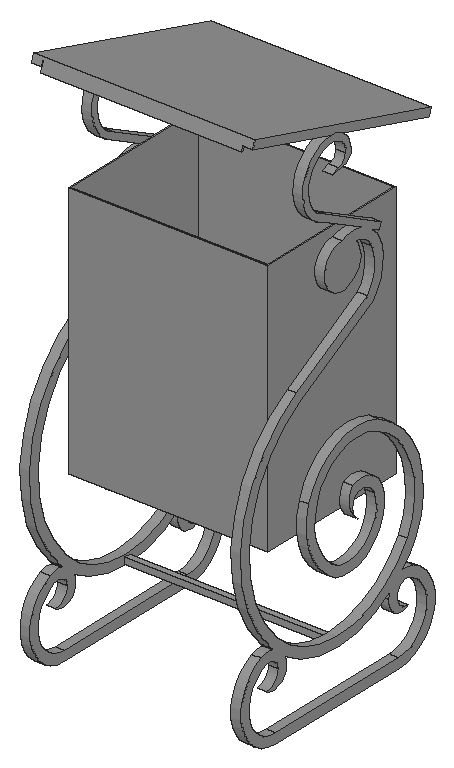
Revit family "Уличная урна для мусора «Валюта» Арт 10214", category Антураж, Revit 2018
Family settings
  На основе рабочей плоскости = Нет
  Всегда вертикально = Да
  При загрузке вырезать с полостями = Нет
  Источник визуального образа = Геометрия семейства
  Общий = Нет
  Точка расчета площади = Нет
Parameters (values of type "Уличная урна для мусора «Валюта» с крышкой")
  Ширина = 380 mm  # constant formula
  Цвет урны = Сталь
  Описание = "Уличная урна для мусора «Валюта» с крышкой"  # constant formula
  Материал изделия = "Сталь"  # constant formula
  Изображение типоразмера = Уличная урна для мусора «Валюта» Арт 10214.jpg
  Изготовитель = "ООО «Хоббика»"  # constant formula
  Длина = 344 mm  # constant formula
  Группа модели = "Уличные урны"  # constant formula
  Высота = 863 mm  # constant formula
  Артикул товара = "Арт. 10214"  # constant formula
  URL = "https://hobbyka.ru/product/ulichnaya_urna_dlya_musora_valyuta/"
Reference planes
  plane 1 "По центру (Вперед/Назад)": y = 0
  plane 2: z = 0
  plane 3 "По центру (Влево/Вправо)": x = 0
  plane 4: x = 344
  plane 5: y = 380
  plane 6: z = 863
Forms (mm)
  Extrusion 1, solid, material "Сталь" <- "Цвет урны"
    sketch origin (0, 0, 0) x (0, 1, 0) y (0, 0, 1)
      loop
        line (180.186, 746.524) -> (202.87, 750.116)
        arc (202.87, 750.116) -> (212.709, 756.146) -> (215.403, 767.367) r 15.078
        arc (215.403, 767.367) -> (205.048, 792.367) -> (180.048, 802.723) r 35.355
        arc (180.048, 802.723) -> (122.548, 754.474) -> (160.078, 689.47) r 58.387
        line (160.078, 689.47) -> (270.447, 630.786) -> (275.141, 639.615) -> (164.126, 698.643)
        arc (164.126, 698.643) -> (132.339, 752.409) -> (180.048, 792.723) r 48.387
        arc (180.048, 792.723) -> (198.305, 784.962) -> (205.386, 766.43) r 25.355
        arc (205.386, 766.43) -> (201.442, 756.37) -> (192.086, 750.965) r 16.355
        line (192.086, 750.965) -> (180.186, 746.524)
    from 0 to 15
  Extrusion 2, solid, material "Сталь" <- "Цвет урны"
    sketch origin (0, 0, 0) x (0, 1, 0) y (0, 0, 1)
      loop
        arc (199.387, 646.312) -> (185.706, 579.096) -> (224.572, 635.616) r 35
        arc (224.572, 635.616) -> (243.331, 628.907) -> (256.461, 613.924) r 39.664
        arc (256.461, 613.924) -> (262.386, 579.948) -> (248.525, 548.367) r 59.684
        line (248.525, 548.367) -> (110.823, 472.037)
        arc (110.823, 472.037) -> (3.2, 316.761) -> (61.024, 136.901) r 213.397
        arc (61.024, 136.901) -> (208.304, 83.615) -> (340.928, 166.93) r 178.554
        arc (340.928, 166.93) -> (347.614, 282.137) -> (268.885, 366.512) r 146.652
        arc (268.885, 366.512) -> (188.363, 366.381) -> (134.385, 306.628) r 99.35
        arc (134.385, 306.628) -> (136.958, 234.66) -> (185.626, 181.58) r 104.109
        arc (185.626, 181.58) -> (259.744, 197.246) -> (276.537, 271.118) r 70.249
        arc (276.537, 271.118) -> (253.526, 295.162) -> (220.257, 294.242) r 41.04
        arc (220.257, 294.242) -> (213.746, 267.797) -> (228.497, 244.904) r 34.409
        arc (228.497, 244.904) -> (218.532, 261.453) -> (224.838, 279.712) r 22.809
        arc (224.838, 279.712) -> (246.835, 281.671) -> (262.426, 266.031) r 26.04
        arc (262.426, 266.031) -> (249.517, 208.229) -> (191.715, 195.321) r 55.249
        arc (191.715, 195.321) -> (150.673, 240.754) -> (148.636, 301.947) r 89.109
        arc (148.636, 301.947) -> (194.464, 352.677) -> (262.829, 352.789) r 84.35
        arc (262.829, 352.789) -> (333.386, 277.372) -> (327.813, 174.247) r 131.652
        arc (327.813, 174.247) -> (206.353, 98.492) -> (71.797, 147.339) r 163.554
        arc (71.797, 147.339) -> (18.038, 314.556) -> (118.095, 458.918) r 198.397
        line (118.095, 458.918) -> (258.034, 536.487)
        arc (258.034, 536.487) -> (277.092, 576.727) -> (269.864, 620.66) r 74.684
        arc (269.864, 620.66) -> (239.718, 647.479) -> (199.387, 646.312) r 54.664
    from 0 to 15
  Extrusion 3, solid, material "Сталь" <- "Цвет урны"
    sketch origin (0, 0, 0) x (0, 1, 0) y (0, 0, 1)
      loop
        arc (310, 0) -> (377.5, 54.66) -> (338.068, 132.05) r 69.008
        arc (338.068, 132.05) -> (307.246, 130.435) -> (290.437, 104.55) r 33.992
        arc (290.437, 104.55) -> (301.654, 81.231) -> (327.526, 80.81) r 24.629
        arc (327.526, 80.81) -> (311.848, 87.304) -> (305.355, 102.982) r 22.172
        arc (305.355, 102.982) -> (314.746, 117.444) -> (331.967, 118.347) r 18.992
        arc (331.967, 118.347) -> (362.828, 57.779) -> (310, 15) r 54.008
        line (310, 15) -> (70, 15)
        arc (70, 15) -> (17.172, 57.779) -> (48.033, 118.347) r 54.008
        arc (48.033, 118.347) -> (65.254, 117.444) -> (74.645, 102.982) r 18.992
        arc (74.645, 102.982) -> (68.152, 87.304) -> (52.474, 80.81) r 22.172
        arc (52.474, 80.81) -> (78.346, 81.231) -> (89.563, 104.55) r 24.629
        arc (89.563, 104.55) -> (72.754, 130.435) -> (41.932, 132.05) r 33.992
        arc (41.932, 132.05) -> (2.5, 54.66) -> (70, 0) r 69.008
        line (70, 0) -> (310, 0)
    from 0 to 15
  Extrusion 4, solid, material "Сталь" <- "Цвет урны"
    sketch origin (0, 0, 0) x (0, 1, 0) y (0, 0, 1)
      loop
        line (180.186, 746.524) -> (202.87, 750.116)
        arc (202.87, 750.116) -> (212.709, 756.146) -> (215.403, 767.367) r 15.078
        arc (215.403, 767.367) -> (205.048, 792.367) -> (180.048, 802.723) r 35.355
        arc (180.048, 802.723) -> (122.548, 754.474) -> (160.078, 689.47) r 58.387
        line (160.078, 689.47) -> (270.447, 630.786) -> (275.141, 639.615) -> (164.126, 698.643)
        arc (164.126, 698.643) -> (132.339, 752.409) -> (180.048, 792.723) r 48.387
        arc (180.048, 792.723) -> (198.305, 784.962) -> (205.386, 766.43) r 25.355
        arc (205.386, 766.43) -> (201.442, 756.37) -> (192.086, 750.965) r 16.355
        line (192.086, 750.965) -> (180.186, 746.524)
    from 329 to 344
  Extrusion 5, solid, material "Сталь" <- "Цвет урны"
    sketch origin (0, 0, 0) x (0, 1, 0) y (0, 0, 1)
      loop
        arc (199.387, 646.312) -> (185.706, 579.096) -> (224.572, 635.616) r 35
        arc (224.572, 635.616) -> (243.331, 628.907) -> (256.461, 613.924) r 39.664
        arc (256.461, 613.924) -> (262.386, 579.948) -> (248.525, 548.367) r 59.684
        line (248.525, 548.367) -> (110.823, 472.037)
        arc (110.823, 472.037) -> (3.2, 316.761) -> (61.024, 136.901) r 213.397
        arc (61.024, 136.901) -> (208.304, 83.615) -> (340.928, 166.93) r 178.554
        arc (340.928, 166.93) -> (347.614, 282.137) -> (268.885, 366.512) r 146.652
        arc (268.885, 366.512) -> (188.363, 366.381) -> (134.385, 306.628) r 99.35
        arc (134.385, 306.628) -> (136.958, 234.66) -> (185.626, 181.58) r 104.109
        arc (185.626, 181.58) -> (259.744, 197.246) -> (276.537, 271.118) r 70.249
        arc (276.537, 271.118) -> (253.526, 295.162) -> (220.257, 294.242) r 41.04
        arc (220.257, 294.242) -> (213.746, 267.797) -> (228.497, 244.904) r 34.409
        arc (228.497, 244.904) -> (218.532, 261.453) -> (224.838, 279.712) r 22.809
        arc (224.838, 279.712) -> (246.835, 281.671) -> (262.426, 266.031) r 26.04
        arc (262.426, 266.031) -> (249.517, 208.229) -> (191.715, 195.321) r 55.249
        arc (191.715, 195.321) -> (150.673, 240.754) -> (148.636, 301.947) r 89.109
        arc (148.636, 301.947) -> (194.464, 352.677) -> (262.829, 352.789) r 84.35
        arc (262.829, 352.789) -> (333.386, 277.372) -> (327.813, 174.247) r 131.652
        arc (327.813, 174.247) -> (206.353, 98.492) -> (71.797, 147.339) r 163.554
        arc (71.797, 147.339) -> (18.038, 314.556) -> (118.095, 458.918) r 198.397
        line (118.095, 458.918) -> (258.034, 536.487)
        arc (258.034, 536.487) -> (277.092, 576.727) -> (269.864, 620.66) r 74.684
        arc (269.864, 620.66) -> (239.718, 647.479) -> (199.387, 646.312) r 54.664
    from 329 to 344
  Extrusion 6, solid, material "Сталь" <- "Цвет урны"
    sketch origin (0, 0, 0) x (0, 1, 0) y (0, 0, 1)
      loop
        arc (310, 0) -> (377.5, 54.66) -> (338.068, 132.05) r 69.008
        arc (338.068, 132.05) -> (307.246, 130.435) -> (290.437, 104.55) r 33.992
        arc (290.437, 104.55) -> (301.654, 81.231) -> (327.526, 80.81) r 24.629
        arc (327.526, 80.81) -> (311.848, 87.304) -> (305.355, 102.982) r 22.172
        arc (305.355, 102.982) -> (314.746, 117.444) -> (331.967, 118.347) r 18.992
        arc (331.967, 118.347) -> (362.828, 57.779) -> (310, 15) r 54.008
        line (310, 15) -> (70, 15)
        arc (70, 15) -> (17.172, 57.779) -> (48.033, 118.347) r 54.008
        arc (48.033, 118.347) -> (65.254, 117.444) -> (74.645, 102.982) r 18.992
        arc (74.645, 102.982) -> (68.152, 87.304) -> (52.474, 80.81) r 22.172
        arc (52.474, 80.81) -> (78.346, 81.231) -> (89.563, 104.55) r 24.629
        arc (89.563, 104.55) -> (72.754, 130.435) -> (41.932, 132.05) r 33.992
        arc (41.932, 132.05) -> (2.5, 54.66) -> (70, 0) r 69.008
        line (70, 0) -> (310, 0)
    from 329 to 344
  Extrusion 7, solid, material "Сталь" <- "Цвет урны"
    sketch origin (0, 0, 0) x (0, 1, 0) y (0, 0, 1)
      loop
        line (194.257, 95.096) -> (184.257, 95.096) -> (184.257, 85.096) -> (194.257, 85.096) -> (194.257, 95.096)
    from 15 to 329
  Extrusion 8, solid, material "Сталь" <- "Цвет урны"
    sketch origin (0, 0, 0) x (1, 0, 0) y (0, 1, 0)
      loop
        line (17, 325) -> (17, 75) -> (327, 75) -> (327, 325) -> (17, 325)
    from 260 to 659.975
  Extrusion 9, void
    sketch origin (0, 0, 0) x (1, 0, 0) y (0, 1, 0)
      loop
        line (325.5, 323.5) -> (18.5, 323.5) -> (18.5, 76.5) -> (325.5, 76.5) -> (325.5, 323.5)
    from 261.5 to 659.975
  Extrusion 10, solid, material "Сталь" <- "Цвет урны"
    sketch origin (0, 0, 0) x (0, 1, 0) y (0, 0, 1)
      loop
        line (371.845, 757.746) -> (27.576, 863) -> (23.756, 850.506) -> (368.026, 745.252) -> (371.845, 757.746)
    from 0 to 15
  Extrusion 11, solid, material "Сталь" <- "Цвет урны"
    sketch origin (0, 0, 0) x (0, 1, 0) y (0, 0, 1)
      loop
        line (371.845, 757.746) -> (27.576, 863) -> (23.756, 850.506) -> (368.026, 745.252) -> (371.845, 757.746)
    from 329 to 344
  Extrusion 12, solid, material "Сталь" <- "Цвет урны"
    sketch origin (0, 0, 0) x (0, 1, 0) y (0, 0, 1)
      loop
        line (371.845, 757.746) -> (27.576, 863) -> (21.728, 843.874) -> (23.163, 843.435) -> (28.572, 861.127) -> (371.407, 756.312) -> (371.845, 757.746)
    from 15 to 329
Cuts and joins
  Extrusion 9 cuts Extrusion 7
  joined: Extrusion 1, Extrusion 2, Extrusion 3, Extrusion 4, Extrusion 5, Extrusion 6, Extrusion 7
  Extrusion 9 cuts Extrusion 8
  joined: Extrusion 10, Extrusion 11, Extrusion 12
Dimensions and locks
  "Длина": plane 4 to plane 3 "По центру (Влево/Вправо)"
  "Ширина": plane 5 to plane 1 "По центру (Вперед/Назад)"
  "Высота": plane 6 to plane 2
  aligned and locked: level to plane 2
Automatic sketch dimensions
  Extrusion 1 sketch curve to Extrusion 1 sketch curve = 0 mm  (x5)
  Extrusion 1 sketch curve to plane 1 "По центру (Вперед/Назад)" = 160.078 mm
  Extrusion 1 sketch curve to Extrusion 1 sketch curve = 4.048 mm
  Extrusion 1 sketch curve to Extrusion 1 sketch curve = 15.921 mm
  Extrusion 1 sketch curve to Extrusion 1 sketch curve = 0.138 mm
  Extrusion 1 sketch curve to Extrusion 1 sketch curve = 8.994 mm
  Extrusion 1 sketch curve to Extrusion 1 sketch curve = 11.901 mm
  Extrusion 1 sketch curve to Extrusion 1 sketch curve = 11.47 mm
  Extrusion 1 sketch curve to plane 6 = 112.884 mm
  Extrusion 1 sketch curve to Extrusion 1 sketch curve = 10.784 mm
  Extrusion 1 sketch curve to plane 5 = 109.553 mm
  Extrusion 1 sketch curve to Extrusion 1 sketch curve = 4.695 mm
  Extrusion 1 sketch curve to Extrusion 1 sketch curve = 3.593 mm
  Extrusion 1 sketch curve to Extrusion 1 sketch curve = 2.188 mm
  Extrusion 1 sketch curve to Extrusion 1 sketch curve = 45.693 mm
  Extrusion 1 sketch curve to Extrusion 1 sketch curve = 9.173 mm
  Extrusion 1 sketch curve to Extrusion 1 sketch curve = 0.848 mm
  Extrusion 1 sketch curve to Extrusion 1 sketch curve = 14.892 mm
  Extrusion 1 sketch curve to Extrusion 1 sketch curve = 2.026 mm
  Extrusion 1 sketch curve to Extrusion 1 sketch curve = 0.333 mm
  Extrusion 2 sketch curve to Extrusion 2 sketch curve = 0 mm  (x26)
  Extrusion 2 sketch curve to plane 1 "По центру (Вперед/Назад)" = 110.823 mm
  Extrusion 2 sketch curve to Extrusion 2 sketch curve = 7.272 mm
  Extrusion 2 sketch curve to plane 1 "По центру (Вперед/Назад)" = 189.257 mm
  Extrusion 2 sketch curve to Extrusion 2 sketch curve = 88.564 mm
  Extrusion 2 sketch curve to Extrusion 2 sketch curve = 3.748 mm
  Extrusion 2 sketch curve to Extrusion 2 sketch curve = 20.417 mm
  Extrusion 2 sketch curve to Extrusion 2 sketch curve = 0.777 mm
  Extrusion 2 sketch curve to Extrusion 2 sketch curve = 25.023 mm
  Extrusion 2 sketch curve to Extrusion 2 sketch curve = 17.888 mm
  Extrusion 2 sketch curve to Extrusion 2 sketch curve = 14.492 mm
  Extrusion 2 sketch curve to Extrusion 2 sketch curve = 4.521 mm
  Extrusion 2 sketch curve to Extrusion 2 sketch curve = 4.636 mm
  Extrusion 2 sketch curve to Extrusion 2 sketch curve = 3.288 mm
  Extrusion 2 sketch curve to Extrusion 2 sketch curve = 6.469 mm
  Extrusion 2 sketch curve to Extrusion 2 sketch curve = 27.503 mm
  Extrusion 2 sketch curve to Extrusion 2 sketch curve = 9.509 mm
  level to Extrusion 2 sketch curve = 232.345 mm
  Extrusion 2 sketch curve to Extrusion 2 sketch curve = 14.952 mm
  Extrusion 2 sketch curve to Extrusion 2 sketch curve = 9.905 mm
  Extrusion 2 sketch curve to Extrusion 2 sketch curve = 13.854 mm
  Extrusion 2 sketch curve to Extrusion 2 sketch curve = 6.636 mm
  Extrusion 2 sketch curve to Extrusion 2 sketch curve = 9.629 mm
  Extrusion 2 sketch curve to Extrusion 2 sketch curve = 10.298 mm
  Extrusion 2 sketch curve to Extrusion 2 sketch curve = 1.485 mm
  Extrusion 2 sketch curve to Extrusion 2 sketch curve = 9.776 mm
  Extrusion 2 sketch curve to Extrusion 2 sketch curve = 173.522 mm
  Extrusion 2 sketch curve to Extrusion 2 sketch curve = 13.119 mm
  Extrusion 2 sketch curve to Extrusion 2 sketch curve = 77.57 mm
  Extrusion 2 sketch curve to Extrusion 2 sketch curve = 11.879 mm
  Extrusion 2 sketch curve to Extrusion 2 sketch curve = 38.754 mm
  Extrusion 2 sketch curve to Extrusion 2 sketch curve = 8.991 mm
  Extrusion 2 sketch curve to Extrusion 2 sketch curve = 24.191 mm
  Extrusion 2 sketch curve to Extrusion 2 sketch curve = 54.872 mm
  Extrusion 2 sketch curve to Extrusion 2 sketch curve = 14.251 mm
  Extrusion 2 sketch curve to Extrusion 2 sketch curve = 24.048 mm
  Extrusion 2 sketch curve to Extrusion 2 sketch curve = 6.09 mm
  Extrusion 2 sketch curve to Extrusion 2 sketch curve = 5.977 mm
  Extrusion 2 sketch curve to Extrusion 2 sketch curve = 25.185 mm
  Extrusion 2 sketch curve to Extrusion 2 sketch curve = 3.933 mm
  Extrusion 2 sketch curve to Extrusion 2 sketch curve = 9.432 mm
  Extrusion 3 sketch curve to Extrusion 3 sketch curve = 0 mm  (x11)
  Extrusion 3 sketch curve to level = 0 mm
  Extrusion 3 sketch curve to plane 1 "По центру (Вперед/Назад)" = 52.474 mm
  Extrusion 3 sketch curve to Extrusion 3 sketch curve = 3.284 mm  (x2)
  Extrusion 3 sketch curve to Extrusion 3 sketch curve = 9.311 mm  (x2)
  level to Extrusion 3 sketch curve = 15 mm
  Extrusion 3 sketch curve to Extrusion 3 sketch curve = 17.526 mm
  Extrusion 3 sketch curve to plane 5 = 70 mm
  Extrusion 3 sketch curve to Extrusion 3 sketch curve = 4.931 mm
  Extrusion 3 sketch curve to Extrusion 3 sketch curve = 54.008 mm  (x2)
  Extrusion 3 sketch curve to Extrusion 3 sketch curve = 31.989 mm  (x2)
  Extrusion 3 sketch curve to Extrusion 3 sketch curve = 0.979 mm  (x2)
  Extrusion 3 sketch curve to Extrusion 3 sketch curve = 1.985 mm  (x2)
  Extrusion 3 sketch curve to Extrusion 3 sketch curve = 24.494 mm
  Extrusion 4 sketch curve to Extrusion 4 sketch curve = 0 mm  (x5)
  Extrusion 4 sketch curve to plane 1 "По центру (Вперед/Назад)" = 160.078 mm
  Extrusion 4 sketch curve to Extrusion 4 sketch curve = 4.048 mm
  Extrusion 4 sketch curve to Extrusion 4 sketch curve = 15.921 mm
  Extrusion 4 sketch curve to Extrusion 4 sketch curve = 0.138 mm
  Extrusion 4 sketch curve to Extrusion 4 sketch curve = 8.994 mm
  Extrusion 4 sketch curve to Extrusion 4 sketch curve = 11.901 mm
  Extrusion 4 sketch curve to Extrusion 4 sketch curve = 11.47 mm
  Extrusion 4 sketch curve to plane 6 = 112.884 mm
  Extrusion 4 sketch curve to Extrusion 4 sketch curve = 10.784 mm
  Extrusion 4 sketch curve to plane 5 = 109.553 mm
  Extrusion 4 sketch curve to Extrusion 4 sketch curve = 4.695 mm
  Extrusion 4 sketch curve to Extrusion 4 sketch curve = 3.593 mm
  Extrusion 4 sketch curve to Extrusion 4 sketch curve = 2.188 mm
  Extrusion 4 sketch curve to Extrusion 4 sketch curve = 45.693 mm
  Extrusion 4 sketch curve to Extrusion 4 sketch curve = 9.173 mm
  Extrusion 4 sketch curve to Extrusion 4 sketch curve = 0.848 mm
  Extrusion 4 sketch curve to Extrusion 4 sketch curve = 14.892 mm
  Extrusion 4 sketch curve to Extrusion 4 sketch curve = 2.026 mm
  Extrusion 4 sketch curve to Extrusion 4 sketch curve = 0.333 mm
  Extrusion 5 sketch curve to Extrusion 5 sketch curve = 0 mm  (x26)
  Extrusion 5 sketch curve to plane 1 "По центру (Вперед/Назад)" = 110.823 mm
  Extrusion 5 sketch curve to Extrusion 5 sketch curve = 7.272 mm
  Extrusion 5 sketch curve to plane 1 "По центру (Вперед/Назад)" = 189.257 mm
  Extrusion 5 sketch curve to Extrusion 5 sketch curve = 88.564 mm
  Extrusion 5 sketch curve to Extrusion 5 sketch curve = 3.748 mm
  Extrusion 5 sketch curve to Extrusion 5 sketch curve = 20.417 mm
  Extrusion 5 sketch curve to Extrusion 5 sketch curve = 0.777 mm
  Extrusion 5 sketch curve to Extrusion 5 sketch curve = 25.023 mm
  Extrusion 5 sketch curve to Extrusion 5 sketch curve = 17.888 mm
  Extrusion 5 sketch curve to Extrusion 5 sketch curve = 14.492 mm
  Extrusion 5 sketch curve to Extrusion 5 sketch curve = 4.521 mm
  Extrusion 5 sketch curve to Extrusion 5 sketch curve = 4.636 mm
  Extrusion 5 sketch curve to Extrusion 5 sketch curve = 3.288 mm
  Extrusion 5 sketch curve to Extrusion 5 sketch curve = 6.469 mm
  Extrusion 5 sketch curve to Extrusion 5 sketch curve = 27.503 mm
  Extrusion 5 sketch curve to Extrusion 5 sketch curve = 9.509 mm
  level to Extrusion 5 sketch curve = 232.345 mm
  Extrusion 5 sketch curve to Extrusion 5 sketch curve = 14.952 mm
  Extrusion 5 sketch curve to Extrusion 5 sketch curve = 9.905 mm
  Extrusion 5 sketch curve to Extrusion 5 sketch curve = 13.854 mm
  Extrusion 5 sketch curve to Extrusion 5 sketch curve = 6.636 mm
  Extrusion 5 sketch curve to Extrusion 5 sketch curve = 9.629 mm
  Extrusion 5 sketch curve to Extrusion 5 sketch curve = 10.298 mm
  Extrusion 5 sketch curve to Extrusion 5 sketch curve = 1.485 mm
  Extrusion 5 sketch curve to Extrusion 5 sketch curve = 9.776 mm
  Extrusion 5 sketch curve to Extrusion 5 sketch curve = 173.522 mm
  Extrusion 5 sketch curve to Extrusion 5 sketch curve = 13.119 mm
  Extrusion 5 sketch curve to Extrusion 5 sketch curve = 77.57 mm
  Extrusion 5 sketch curve to Extrusion 5 sketch curve = 11.879 mm
  Extrusion 5 sketch curve to Extrusion 5 sketch curve = 38.754 mm
  Extrusion 5 sketch curve to Extrusion 5 sketch curve = 8.991 mm
  Extrusion 5 sketch curve to Extrusion 5 sketch curve = 24.191 mm
  Extrusion 5 sketch curve to Extrusion 5 sketch curve = 54.872 mm
  Extrusion 5 sketch curve to Extrusion 5 sketch curve = 14.251 mm
  Extrusion 5 sketch curve to Extrusion 5 sketch curve = 24.048 mm
  Extrusion 5 sketch curve to Extrusion 5 sketch curve = 6.09 mm
  Extrusion 5 sketch curve to Extrusion 5 sketch curve = 5.977 mm
  Extrusion 5 sketch curve to Extrusion 5 sketch curve = 25.185 mm
  Extrusion 5 sketch curve to Extrusion 5 sketch curve = 3.933 mm
  Extrusion 5 sketch curve to Extrusion 5 sketch curve = 9.432 mm
  Extrusion 6 sketch curve to Extrusion 6 sketch curve = 0 mm  (x11)
  Extrusion 6 sketch curve to level = 0 mm
  Extrusion 6 sketch curve to plane 1 "По центру (Вперед/Назад)" = 52.474 mm
  Extrusion 6 sketch curve to Extrusion 6 sketch curve = 3.284 mm  (x2)
  Extrusion 6 sketch curve to Extrusion 6 sketch curve = 9.311 mm  (x2)
  level to Extrusion 6 sketch curve = 15 mm
  Extrusion 6 sketch curve to Extrusion 6 sketch curve = 17.526 mm
  Extrusion 6 sketch curve to plane 5 = 70 mm
  Extrusion 6 sketch curve to Extrusion 6 sketch curve = 4.931 mm
  Extrusion 6 sketch curve to Extrusion 6 sketch curve = 54.008 mm  (x2)
  Extrusion 6 sketch curve to Extrusion 6 sketch curve = 31.989 mm  (x2)
  Extrusion 6 sketch curve to Extrusion 6 sketch curve = 0.979 mm  (x2)
  Extrusion 6 sketch curve to Extrusion 6 sketch curve = 1.985 mm  (x2)
  Extrusion 6 sketch curve to Extrusion 6 sketch curve = 24.494 mm
  Extrusion 7 sketch curve to plane 1 "По центру (Вперед/Назад)" = 184.257 mm
  Extrusion 7 sketch curve to Extrusion 7 sketch curve = 10 mm  (x2)
  level to Extrusion 7 sketch curve = 85.096 mm
  plane 3 "По центру (Влево/Вправо)" to Extrusion 8 sketch curve = 17 mm
  Extrusion 8 sketch curve to plane 4 = 17 mm
  Extrusion 8 sketch curve to plane 1 "По центру (Вперед/Назад)" = 75 mm
  Extrusion 8 sketch curve to plane 5 = 55 mm
  plane 3 "По центру (Влево/Вправо)" to Extrusion 9 sketch curve = 18.5 mm
  Extrusion 9 sketch curve to plane 4 = 18.5 mm
  Extrusion 9 sketch curve to plane 1 "По центру (Вперед/Назад)" = 76.5 mm
  Extrusion 9 sketch curve to plane 5 = 56.5 mm
  Extrusion 10 sketch curve to plane 6 = 0 mm
  Extrusion 10 sketch curve to plane 6 = 12.494 mm
  Extrusion 10 sketch curve to plane 1 "По центру (Вперед/Назад)" = 23.756 mm
  Extrusion 10 sketch curve to Extrusion 10 sketch curve = 3.82 mm
  Extrusion 10 sketch curve to plane 5 = 11.974 mm
  Extrusion 11 sketch curve to plane 6 = 0 mm
  Extrusion 11 sketch curve to plane 6 = 12.494 mm
  Extrusion 11 sketch curve to plane 1 "По центру (Вперед/Назад)" = 23.756 mm
  Extrusion 11 sketch curve to Extrusion 11 sketch curve = 3.82 mm
  Extrusion 11 sketch curve to plane 5 = 11.974 mm
  Extrusion 12 sketch curve to plane 6 = 0 mm
  Extrusion 12 sketch curve to plane 1 "По центру (Вперед/Назад)" = 21.728 mm
  Extrusion 12 sketch curve to Extrusion 12 sketch curve = 5.847 mm
  Extrusion 12 sketch curve to plane 6 = 1.873 mm
  Extrusion 12 sketch curve to Extrusion 12 sketch curve = 0.996 mm
  Extrusion 12 sketch curve to plane 5 = 8.593 mm
  Extrusion 12 sketch curve to Extrusion 12 sketch curve = 0.439 mm
